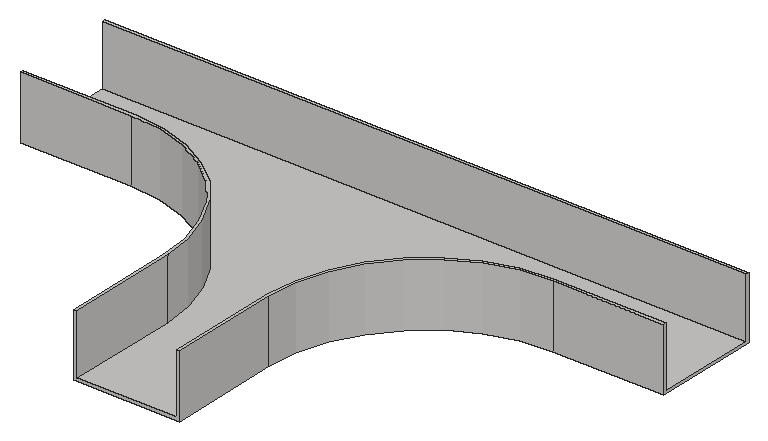
Revit family "Cable_Tray_Fitting-Solid_Tray-OBO_Bettermann-Channel_Horizontal_Tee_400-600-MKS", category Cable Tray Fittings, Revit 2012
Parameters (values of type "Hot Dipped Galvanised")
  URL = "http://www.obo-bettermann.com/"
  Tray Width Overall [instance] = Tray Width 3 + 510 mm  # 610 mm
  Tray Width 3 [instance] = 100 mm
  Tray Width 1 [instance] = 100 mm
  Tray Height [instance] = 60 mm
  built-in parameter 1140111 [instance] = 2.58 mm
  Radius Label 1 = Radius Label + 2.6 mm  # 152.6 mm
  Radius Label = 150 mm
  Product Page URL = "http://catalog2.obo-bettermann.com/catalogue/catalogue.do?favOid=kts_315277&act=showIO&lang=en&action=start&catId=KTS&forward=showSolutionView"
  Product Documentation Link = ""
  Pre Galvanized = no
  Model = "MKS"
  Manufacturer = "OBO Bettermann"
  Description = "Solid Cable tray"
  Connector Description 3 = "Connector for Cable Tray 3"  # constant formula
  Connector Description 2 = "Connector for Cable Tray 2"  # constant formula
  Connector Description = "Connector for Cable Tray 1"  # constant formula
  Classification = "Refer to online catalog for UL and cUL classifed sizes and wire sizes."
  Cable Tray Material = Metal - OBO Bettermann - Hot-Dipped-Galvanised
  Assembly Code = "D5030600"
Types (2, lengths in mm): name | Tray Width Overall | Tray Width 3 | Tray Width 1 | Cable Tray Material
  Stripped Galvanised | 910 | 400 | 400 | Metal - OBO Bettermann - Strip-Galvanised
  Hot Dipped Galvanised | 610 | 100 | 100 | Metal - OBO Bettermann - Hot-Dipped-Galvanised
Reference planes
  plane 1 "Center (Front/Back)": y = 0
  plane 2: z = 0
  plane 3 "Center (Left/Right)": x = 0
  plane 4: y = 50
  plane 5: y = -50
  plane 6: z = 30
  plane 7: z = -30
  plane 8: x = -50
  plane 9: x = 50
  plane 10: y = -47.42
  plane 11: y = 47.42
  plane 12: y = -305
  plane 13: x = -47.42
  plane 14: x = 47.42
  plane 15: z = -27.42
  plane 16: x = -305
  plane 17: x = 305
Forms (mm)
  Extrusion 1, solid, material "Metal - OBO Bettermann - Hot-Dipped-Galvanised" <- "Cable Tray Material", detail levels fine
    sketch origin (0, 0, 0) x (1, 0, 0) y (0, 1, 0)
      loop
        line (-305, -47.42) -> (-305, -50) -> (-200, -50)
        arc (-200, -50) -> (-93.934, -93.934) -> (-50, -200) r 150
        line (-50, -200) -> (-50, -305) -> (-47.42, -305) -> (-47.42, -197.51)
        arc (-47.42, -197.51) -> (-92.096, -92.096) -> (-197.51, -47.42) r 152.6
        line (-197.51, -47.42) -> (-305, -47.42)
      loop
        line (200, -50) -> (305, -50) -> (305, -47.42) -> (197.51, -47.42)
        arc (197.51, -47.42) -> (92.096, -92.096) -> (47.42, -197.51) r 152.6
        line (47.42, -197.51) -> (47.42, -305) -> (50, -305) -> (50, -200)
        arc (50, -200) -> (93.934, -93.934) -> (200, -50) r 150
      loop
        line (-305, 50) -> (-305, 47.42) -> (305, 47.42) -> (305, 50) -> (-305, 50)
    from -30 to 30
  Extrusion 2, solid, material "Metal - OBO Bettermann - Hot-Dipped-Galvanised" <- "Cable Tray Material", detail levels fine
    sketch origin (0, 0, 0) x (1, 0, 0) y (0, 1, 0)
      loop
        line (-305, -50) -> (-200, -50)
        arc (-200, -50) -> (-93.934, -93.934) -> (-50, -200) r 150
        line (-50, -200) -> (-50, -305) -> (50, -305) -> (50, -200)
        arc (50, -200) -> (93.934, -93.934) -> (200, -50) r 150
        line (200, -50) -> (305, -50) -> (305, 50) -> (-305, 50) -> (-305, -50)
    from -30 to -27.42
  Extrusion 3, solid, material "Metal - OBO Bettermann - Hot-Dipped-Galvanised" <- "Cable Tray Material", detail levels medium
    sketch origin (0, 0, 0) x (1, 0, 0) y (0, 1, 0)
      loop
        line (-305, 50) -> (-305, -50) -> (-200, -50)
        arc (-200, -50) -> (-93.934, -93.934) -> (-50, -200) r 150
        line (-50, -200) -> (-50, -305) -> (50, -305) -> (50, -200)
        arc (50, -200) -> (93.934, -93.934) -> (200, -50) r 150
        line (200, -50) -> (305, -50) -> (305, 50) -> (-305, 50)
    from -30 to 30
Cuts and joins
  joined: Extrusion 1, Extrusion 2
Lines and regions (mm)
  model lines, style "Coarse View", detail levels coarse
    curve 1: line (-230, 0, 0) -> (200, 0, 0)
    curve 2: line (0, 0, 0) -> (0, -305, 0)
Dimensions and locks
  equal spacing: plane 4, plane 1 "Center (Front/Back)", plane 5
  "Tray Width 1": plane 4 to plane 5
  equal spacing: plane 6, plane 2, plane 7
  "Tray Height": plane 6 to plane 7
  equal spacing: plane 8, plane 3 "Center (Left/Right)", plane 9  (x2)
  "Tray Width 3": plane 8 to plane 9
  "built-in parameter 1140111": plane 10 to plane 5
  "built-in parameter 1140111": plane 4 to plane 11
  locked: plane 5 to plane 12 at 255
  "built-in parameter 1140111": plane 8 to plane 13
  "built-in parameter 1140111": plane 14 to plane 9
  "built-in parameter 1140111": plane 15 to plane 7
  locked: plane 16 to plane 8 at 255
  locked: plane 9 to plane 17 at 255
  equal spacing: plane 16, plane 3 "Center (Left/Right)", plane 17
  "Radius Label": radius of Extrusion 3 sketch curve  (x2)
  "Radius Label": radius of Extrusion 1 sketch curve  (x2)
  "Radius Label 1": radius of Extrusion 1 sketch curve  (x2)
  "Radius Label": radius of Extrusion 2 sketch curve  (x2)
  aligned and locked: Extrusion 1 sketch curve to plane 10
  aligned and locked: Extrusion 1 sketch curve to plane 5
  aligned and locked: Extrusion 1 sketch curve to plane 8
  aligned and locked: plane 12 to Extrusion 1 sketch curve  (x2)
  aligned and locked: Extrusion 1 sketch curve to plane 13
  aligned and locked: plane 13 to Extrusion 1 sketch curve
  aligned and locked: plane 8 to Extrusion 1 sketch curve
  aligned and locked: Extrusion 1 sketch curve to plane 12  (x2)
  aligned and locked: Extrusion 1 to plane 7
  aligned and locked: plane 6 to Extrusion 1
  aligned and locked: plane 5 to Extrusion 1 sketch curve
  aligned and locked: plane 10 to Extrusion 1 sketch curve
  aligned and locked: Extrusion 1 sketch curve to plane 14
  aligned and locked: Extrusion 1 sketch curve to plane 9
  aligned and locked: plane 9 to Extrusion 1 sketch curve
  aligned and locked: plane 14 to Extrusion 1 sketch curve
  aligned and locked: plane 11 to Extrusion 1 sketch curve
  aligned and locked: Extrusion 1 sketch curve to plane 4
  aligned and locked: Extrusion 2 sketch curve to plane 5
  aligned and locked: Extrusion 2 sketch curve to plane 4
  aligned and locked: plane 4 to Extrusion 2 sketch curve
  aligned and locked: plane 5 to Extrusion 2 sketch curve
  aligned and locked: plane 12 to Extrusion 2 sketch curve
  aligned and locked: plane 9 to Extrusion 2 sketch curve
  aligned and locked: plane 8 to Extrusion 2 sketch curve
  aligned and locked: Extrusion 2 sketch curve to plane 12
  aligned and locked: Extrusion 2 to plane 7
  aligned and locked: plane 15 to Extrusion 2
  aligned and locked: Extrusion 3 sketch curve to plane 5  (x2)
  aligned and locked: plane 4 to Extrusion 3 sketch curve  (x2)
  aligned and locked: plane 5 to Extrusion 3 sketch curve
  aligned and locked: plane 12 to Extrusion 3 sketch curve
  aligned and locked: Extrusion 3 sketch curve to plane 9
  aligned and locked: plane 9 to Extrusion 3 sketch curve
  aligned and locked: plane 8 to Extrusion 3 sketch curve
  aligned and locked: Extrusion 3 sketch curve to plane 12
  aligned and locked: Extrusion 3 to plane 7
  aligned and locked: plane 6 to Extrusion 3
  aligned and locked: plane 1 "Center (Front/Back)" to curve 1
  aligned and locked: plane 12 to curve 2
  aligned and locked: plane 1 "Center (Front/Back)" to curve 2
  aligned and locked: curve 2 to plane 3 "Center (Left/Right)"
  aligned and locked: plane 16 to Extrusion 3
  aligned and locked: plane 16 to cut or joined group of Extrusion 1, Extrusion 2
  aligned and locked: plane 17 to Extrusion 3
  aligned and locked: cut or joined group of Extrusion 1, Extrusion 2 to Extrusion 3
Automatic sketch dimensions
  Extrusion 1 sketch curve to Extrusion 1 sketch curve = 0 mm  (x4)
  Extrusion 1 sketch curve to Extrusion 1 sketch curve = 105 mm  (x2)
  Extrusion 1 sketch curve to plane 8 = 255 mm
  Extrusion 2 sketch curve to Extrusion 2 sketch curve = 105 mm  (x2)
  Extrusion 3 sketch curve to plane 8 = 255 mm
  plane 9 to Extrusion 1 sketch curve = 255 mm
  plane 9 to Extrusion 3 sketch curve = 255 mm
  curve 1 to plane 16 = 75 mm
  plane 17 to curve 1 = 105 mm
Connectors
  cabletrayconduit at (-305, 0, 0), driven by "Tray Height", driven by "Tray Width 1", driven by "Connector Description"
    settings: on Extrusion 3, index 1, connector width 100 mm, connector height 60 mm, connector radius 304.8 mm, connector angle 0.00°, system type 32, placement type 0, profile type 1, connector reference index 2, is primary connector yes, connector utility param no, connector description "Connector for Cable Tray 1"
  cabletrayconduit at (305, 0, 0), driven by "Tray Height", driven by "Tray Width 1", driven by "Connector Description 2"
    settings: on Extrusion 3, index 2, connector width 100 mm, connector height 60 mm, connector radius 304.8 mm, connector angle 0.00°, system type 32, placement type 0, profile type 1, connector reference index 1, is primary connector no, connector utility param no, connector description "Connector for Cable Tray 2"
  cabletrayconduit at (0, -305, 0), driven by "Tray Height", driven by "Tray Width 3", driven by "Connector Description 3"
    settings: on Extrusion 3, index 3, connector width 100 mm, connector height 60 mm, connector radius 304.8 mm, connector angle 0.00°, system type 32, placement type 0, profile type 1, connector reference index -1, is primary connector no, connector utility param no, connector description "Connector for Cable Tray 3"
